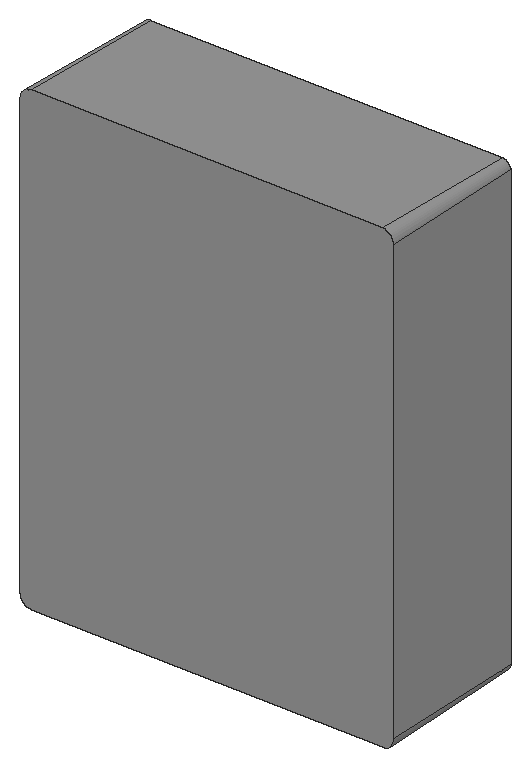
Revit family "L&L_LUCE&LIGHT_PASITO_MINI_1.2", category Lighting Fixtures, host Wall, Revit 2018 (continued)
Types (2, lengths in cm): name | Photometric Web File | built-in parameter 1150142
    .46 0.37 0.29 0.21 0.14 0.06 0.02 0.02 \r\n0.01 0.08 0.50 1.16 1.54 1.97 2.87 4.07 5.69 7.70 10.01 \r\n12.89 16.72 21.08 26.29 33.01 40.59 48.41 55.57 60.54 \r\n64.26 67.62 70.80 73.95 77.25 80.47 83.46 86.51 89.68 \r\n92.64 95.45 98.31 101.04 103.60 106.25 108.59 111.04 \r\n113.36 115.34 117.24 119.10 120.81 122.32 123.56 124.68 \r\n125.69 126.55 127.21 127.63 127.96 127.94 127.75 127.50 \r\n127.07 126.49 125.70 124.71 123.59 122.31 120.85 119.20 \r\n117.35 115.26 112.91 110.29 107.41 104.21 100.68 96.76 \r\n92.48 87.88 82.91 77.58 72.09 66.58 61.17 55.99 51.18 \r\n46.81 42.85 39.34 36.27 33.60 31.26 29.21 27.41 25.83 \r\n24.43 23.19 22.09 21.10 20.20 19.38 18.61 17.87 17.18 \r\n16.53 15.93 15.37 14.86 14.39 13.96 13.56 13.18 12.84 \r\n12.53 12.24 11.96 11.72 11.50 11.29 11.09 10.91 10.74 \r\n10.58 10.42 10.21 9.94 9.65 9.38 9.13 8.92 8.74 8.56 8.39 \r\n8.20 7.98 7.78 7.60 7.42 7.25 7.05 6.85 6.66 6.47 6.29 \r\n6.07 5.90 5.72 5.53 5.35 5.15 4.97 4.80 4.62 4.43 4.26 \r\n4.07 3.90 3.73 3.55 3.38 3.22 3.06 2.89 2.73 2.58 2.43 \r\n2.28 2.13 1.99 1.86 1.73 1.59 1.46 1.33 1.22 1.11 1.00 \r\n0.89 0.78 0.68 0.58 0.49 0.40 0.31 0.23 0.15 0.07 0.02 \r\n0.02 \r\n0.01 0.08 0.54 1.22 1.58 2.09 3.12 4.48 6.29 8.49 11.12 \r\n14.63 18.91 23.85 30.31 38.10 46.23 54.34 60.48 64.66 \r\n68.37 71.94 75.40 79.11 82.69 86.09 89.65 93.26 96.62 \r\n99.78 103.04 106.34 109.51 112.40 115.19 118.14 120.89 \r\n123.34 125.74 127.96 129.97 131.92 133.54 134.84 136.03 \r\n137.13 138.02 138.60 138.97 139.31 139.37 139.10 138.83 \r\n138.40 137.69 136.87 135.87 134.69 133.36 131.84 130.08 \r\n128.08 125.83 123.32 120.46 117.24 113.64 109.62 105.14 \r\n100.18 94.71 88.89 82.89 76.80 70.71 64.82 59.20 53.96 \r\n49.25 45.04 41.30 38.01 35.14 32.63 30.44 28.52 26.84 \r\n25.36 24.04 22.88 21.83 20.88 20.01 19.21 18.46 17.74 \r\n17.06 16.44 15.87 15.35 14.87 14.43 14.02 13.65 13.30 \r\n12.98 12.69 12.41 12.16 11.93 11.72 11.52 11.35 11.17 \r\n11.00 10.83 10.68 10.48 10.19 9.90 9.65 9.41 9.16 8.97 \r\n8.78 8.58 8.41 8.19 7.98 7.79 7.59 7.42 7.21 7.00 6.83 \r\n6.62 6.42 6.21 6.02 5.83 5.63 5.45 5.24 5.06 4.86 4.68 \r\n4.49 4.30 4.13 3.93 3.74 3.58 3.40 3.22 3.05 2.88 2.72 \r\n2.56 2.41 2.26 2.10 1.96 1.82 1.68 1.54 1.40 1.28 1.16 \r\n1.05 0.93 0.82 0.71 0.61 0.51 0.41 0.32 0.24 0.16 0.08 \r\n0.02 0.02 \r\n0.01 0.08 0.58 1.28 1.61 2.21 3.33 4.79 6.75 9.14 12.14 \r\n16.07 20.69 26.38 33.86 42.32 50.92 58.82 63.91 67.94 \r\n71.90 75.61 79.55 83.57 87.32 91.24 95.22 98.92 102.40 \r\n106.00 109.76 113.26 116.72 120.13 123.31 126.38 129.18 \r\n131.86 134.40 136.60 138.68 140.60 142.24 143.54 144.69 \r\n145.65 146.36 146.79 146.98 147.00 146.85 146.46 145.90 \r\n145.16 144.26 143.20 142.02 140.72 139.22 137.55 135.67 \r\n133.56 131.21 128.64 125.63 122.19 118.41 114.14 109.43 \r\n104.23 98.48 92.27 85.90 79.52 73.08 66.98 61.34 55.94 \r\n51.00 46.61 42.73 39.32 36.33 33.70 31.42 29.43 27.67 \r\n26.11 24.72 23.50 22.40 21.41 20.52 19.69 18.90 18.15 \r\n17.46 16.84 16.25 15.72 15.24 14.79 14.38 14.01 13.66 \r\n13.34 13.03 12.75 12.50 12.27 12.05 11.86 11.67 11.49 \r\n11.33 11.16 10.99 10.83 10.62 10.31 10.01 9.78 9.53 9.29 \r\n9.12 8.91 8.70 8.52 8.30 8.08 7.91 7.68 7.50 7.29 7.07 \r\n6.91 6.68 6.47 6.27 6.05 5.87 5.65 5.47 5.26 5.07 4.87 \r\n4.67 4.50 4.29 4.10 3.92 3.71 3.53 3.37 3.18 3.01 2.84 \r\n2.67 2.51 2.35 2.19 2.04 1.90 1.75 1.60 1.46 1.33 1.21 \r\n1.08 0.96 0.85 0.73 0.63 0.53 0.43 0.34 0.25 0.16 0.08 \r\n0.02 0.02 \r\n0.01 0.08 0.60 1.32 1.62 2.30 3.49 5.03 7.10 9.63 12.92 \r\n17.09 22.01 28.41 36.51 45.51 54.42 61.54 66.30 70.53 \r\n74.59 78.55 82.94 87.09 91.15 95.48 99.57 103.31 107.30 \r\n111.39 115.10 119.02 122.86 126.22 129.53 132.65 135.56 \r\n138.40 140.80 142.97 145.10 146.79 148.09 149.31 150.15 \r\n150.65 151.00 151.08 150.94 150.55 150.01 149.24 148.32 \r\n147.25 146.04 144.70 143.28 141.71 139.95 138.17 136.17 \r\n133.84 131.46 128.82 125.71 122.26 118.50 114.29 109.47 \r\n104.42 98.89 92.69 86.26 80.09 74.02 67.91 62.23 56.76 \r\n51.81 47.56 43.62 40.15 37.12 34.47 32.12 30.05 28.23 \r\n26.62 25.20 23.94 22.81 21.79 20.87 20.02 19.21 18.43 \r\n17.72 17.09 16.51 15.96 15.47 15.03 14.62 14.24 13.88 \r\n13.56 13.26 12.99 12.74 12.50 12.28 12.07 11.89 11.72 \r\n11.56 11.39 11.22 11.06 10.90 10.64 10.33 10.04 9.81 9.55 \r\n9.33 9.16 8.92 8.72 8.55 8.30 8.11 7.92 7.67 7.50 7.27 \r\n7.07 6.89 6.64 6.46 6.23 6.03 5.83 5.62 5.42 5.20 5.01 \r\n4.82 4.62 4.42 4.23 4.02 3.86 3.63 3.46 3.29 3.10 2.93 \r\n2.75 2.59 2.42 2.25 2.10 1.95 1.80 1.65 1.50 1.37 1.24 \r\n1.11 0.99 0.87 0.75 0.65 0.54 0.44 0.35 0.25 0.17 0.09 \r\n0.02 0.02 \r\n0.01 0.08 0.61 1.36 1.62 2.34 3.58 5.15 7.30 9.92 13.41 \r\n17.70 22.86 29.79 38.15 47.47 56.28 63.09 67.91 72.24 \r\n76.34 80.71 85.33 89.55 93.95 98.45 102.53 106.73 111.17 \r\n115.20 119.14 123.14 126.87 130.55 134.02 137.12 140.05 \r\n142.75 145.03 147.12 148.92 150.35 151.48 152.23 152.71 \r\n152.83 152.78 152.44 151.79 150.97 149.95 148.78 147.42 \r\n146.04 144.49 142.78 141.01 139.22 137.33 135.32 133.17 \r\n130.91 128.53 125.76 122.74 119.56 115.79 111.80 107.35 \r\n102.32 97.12 91.49 85.68 79.67 73.61 67.89 62.19 57.07 \r\n52.14 47.89 43.98 40.63 37.50 34.77 32.42 30.39 28.55 \r\n26.90 25.47 24.18 23.03 22.00 21.06 20.20 19.38 18.61 \r\n17.91 17.24 16.63 16.10 15.61 15.16 14.75 14.37 14.02 \r\n13.69 13.39 13.11 12.86 12.63 12.41 12.20 12.02 11.84 \r\n11.69 11.52 11.35 11.20 11.05 10.83 10.53 10.23 9.98 9.74 \r\n9.47 9.30 9.10 8.85 8.67 8.46 8.22 8.07 7.81 7.61 7.44 \r\n7.18 7.00 6.77 6.56 6.36 6.13 5.94 5.72 5.53 5.31 5.10 \r\n4.91 4.71 4.51 4.31 4.11 3.92 3.73 3.52 3.35 3.17 2.98 \r\n2.81 2.63 2.47 2.30 2.13 1.99 1.83 1.67 1.53 1.39 1.25 \r\n1.13 1.00 0.88 0.76 0.66 0.55 0.45 0.35 0.26 0.17 0.09 \r\n0.02 0.02 \r\n0.01 0.07 0.61 1.37 1.61 2.34 3.61 5.15 7.35 10.00 13.56 \r\n17.85 23.13 30.27 38.68 48.30 56.88 63.91 68.76 73.04 \r\n77.30 81.95 86.66 90.90 95.58 100.07 104.38 108.87 113.38 \r\n117.57 121.60 125.60 129.47 133.30 136.84 139.95 142.83 \r\n145.49 147.73 149.64 151.14 152.34 153.09 153.50 153.58 \r\n153.37 152.85 152.03 151.03 149.87 148.29 146.75 145.09 \r\n143.35 141.44 139.58 137.72 135.72 133.76 131.71 129.65 \r\n127.45 125.00 122.38 119.63 116.52 112.94 109.19 104.84 \r\n100.28 95.45 89.79 84.38 78.94 72.98 67.29 62.11 56.91 \r\n52.31 47.94 44.20 40.79 37.69 35.03 32.70 30.56 28.71 \r\n27.04 25.56 24.25 23.09 22.05 21.12 20.26 19.44 18.68 \r\n17.96 17.30 16.73 16.20 15.69 15.22 14.81 14.42 14.06 \r\n13.75 13.45 13.17 12.91 12.68 12.47 12.26 12.08 11.90 \r\n11.74 11.57 11.41 11.26 11.11 10.92 10.65 10.34 10.07 \r\n9.83 9.57 9.35 9.18 8.93 8.73 8.55 8.30 8.12 7.93 7.67 \r\n7.50 7.27 7.06 6.86 6.61 6.44 6.20 5.99 5.79 5.57 5.37 \r\n5.15 4.97 4.75 4.58 4.35 4.16 3.95 3.75 3.57 3.37 3.20 \r\n3.02 2.83 2.65 2.48 2.32 2.14 2.00 1.84 1.68 1.53 1.40 \r\n1.26 1.13 1.01 0.89 0.77 0.67 0.56 0.45 0.36 0.26 0.17 \r\n0.09 0.02 0.02 \r\n0.01 0.07 0.60 1.38 1.59 2.30 3.58 5.06 7.25 9.87 13.39 \r\n17.59 22.85 29.92 38.17 48.02 56.36 64.00 68.91 73.06 \r\n77.53 82.27 87.08 91.29 96.10 100.56 105.23 109.61 114.22 \r\n118.77 122.65 127.01 130.67 134.63 138.33 141.58 144.51 \r\n147.34 149.81 151.75 153.30 154.55 155.28 155.78 155.84 \r\n155.59 154.99 154.15 152.98 151.73 150.17 148.42 146.67 \r\n144.85 142.81 140.85 138.90 136.77 134.63 132.73 130.51 \r\n128.17 126.04 123.42 120.72 117.63 114.37 110.54 106.89 \r\n102.33 97.32 92.27 86.94 81.13 75.20 70.13 64.53 59.58 \r\n54.69 50.20 46.36 42.67 39.78 36.84 34.40 32.25 30.21 \r\n28.39 26.89 25.52 23.07 22.39 21.40 20.55 19.69 18.92 \r\n18.17 17.56 16.89 16.35 15.86 15.38 14.97 14.52 14.16 \r\n13.86 13.55 13.26 13.03 12.78 12.57 12.36 12.19 12.00 \r\n11.84 11.69 11.52 11.36 11.22 11.03 10.72 10.39 10.15 \r\n9.92 9.62 9.43 9.28 8.99 8.82 8.61 8.34 8.19 7.93 7.73 \r\n7.56 7.29 7.10 6.89 6.64 6.50 6.21 6.04 5.79 5.61 5.38 \r\n5.17 4.99 4.77 4.60 4.38 4.16 3.98 3.73 3.59 3.37 3.21 \r\n3.03 2.83 2.65 2.48 2.33 2.15 2.00 1.85 1.69 1.53 1.41 \r\n1.27 1.14 1.01 0.89 0.77 0.67 0.56 0.45 0.36 0.26 0.17 \r\n0.09 0.02 0.02 \r\n0.01 0.07 0.61 1.37 1.61 2.34 3.61 5.15 7.35 10.00 13.56 \r\n17.85 23.13 30.27 38.68 48.30 56.88 63.91 68.76 73.04 \r\n77.30 81.95 86.66 90.90 95.58 100.07 104.38 108.87 113.38 \r\n117.57 121.60 125.60 129.47 133.30 136.84 139.95 142.83 \r\n145.49 147.73 149.64 151.14 152.34 153.09 153.50 153.58 \r\n153.37 152.85 152.03 151.03 149.87 148.29 146.75 145.09 \r\n143.35 141.44 139.58 137.72 135.72 133.76 131.71 129.65 \r\n127.45 125.00 122.38 119.63 116.52 112.94 109.19 104.84 \r\n100.28 95.45 89.79 84.38 78.94 72.98 67.29 62.11 56.91 \r\n52.31 47.94 44.20 40.79 37.69 35.03 32.70 30.56 28.71 \r\n27.04 25.56 24.25 23.09 22.05 21.12 20.26 19.44 18.68 \r\n17.96 17.30 16.73 16.20 15.69 15.22 14.81 14.42 14.06 \r\n13.75 13.45 13.17 12.91 12.68 12.47 12.26 12.08 11.90 \r\n11.74 11.57 11.41 11.26 11.11 10.92 10.65 10.34 10.07 \r\n9.83 9.57 9.35 9.18 8.93 8.73 8.55 8.30 8.12 7.93 7.67 \r\n7.50 7.27 7.06 6.86 6.61 6.44 6.20 5.99 5.79 5.57 5.37 \r\n5.15 4.97 4.75 4.58 4.35 4.16 3.95 3.75 3.57 3.37 3.20 \r\n3.02 2.83 2.65 2.48 2.32 2.14 2.00 1.84 1.68 1.53 1.40 \r\n1.26 1.13 1.01 0.89 0.77 0.67 0.56 0.45 0.36 0.26 0.17 \r\n0.09 0.02 0.02 \r\n0.01 0.08 0.61 1.36 1.62 2.34 3.58 5.15 7.30 9.92 13.41 \r\n17.70 22.86 29.79 38.15 47.47 56.28 63.09 67.91 72.24 \r\n76.34 80.71 85.33 89.55 93.95 98.45 102.53 106.73 111.17 \r\n115.20 119.14 123.14 126.87 130.55 134.02 137.12 140.05 \r\n142.75 145.03 147.12 148.92 150.35 151.48 152.23 152.71 \r\n152.83 152.78 152.44 151.79 150.97 149.95 148.78 147.42 \r\n146.04 144.49 142.78 141.01 139.22 137.33 135.32 133.17 \r\n130.91 128.53 125.76 122.74 119.56 115.79 111.80 107.35 \r\n102.32 97.12 91.49 85.68 79.67 73.61 67.89 62.19 57.07 \r\n52.14 47.89 43.98 40.63 37.50 34.77 32.42 30.39 28.55 \r\n26.90 25.47 24.18 23.03 22.00 21.06 20.20 19.38 18.61 \r\n17.91 17.24 16.63 16.10 15.61 15.16 14.75 14.37 14.02 \r\n13.69 13.39 13.11 12.86 12.63 12.41 12.20 12.02 11.84 \r\n11.69 11.52 11.35 11.20 11.05 10.83 10.53 10.23 9.98 9.74 \r\n9.47 9.30 9.10 8.85 8.67 8.46 8.22 8.07 7.81 7.61 7.44 \r\n7.18 7.00 6.77 6.56 6.36 6.13 5.94 5.72 5.53 5.31 5.10 \r\n4.91 4.71 4.51 4.31 4.11 3.92 3.73 3.52 3.35 3.17 2.98 \r\n2.81 2.63 2.47 2.30 2.13 1.99 1.83 1.67 1.53 1.39 1.25 \r\n1.13 1.00 0.88 0.76 0.66 0.55 0.45 0.35 0.26 0.17 0.09 \r\n0.02 0.02 \r\n0.01 0.08 0.60 1.32 1.62 2.30 3.49 5.03 7.10 9.63 12.92 \r\n17.09 22.01 28.41 36.51 45.51 54.42 61.54 66.30 70.53 \r\n74.59 78.55 82.94 87.09 91.15 95.48 99.57 103.31 107.30 \r\n111.39 115.10 119.02 122.86 126.22 129.53 132.65 135.56 \r\n138.40 140.80 142.97 145.10 146.79 148.09 149.31 150.15 \r\n150.65 151.00 151.08 150.94 150.55 150.01 149.24 148.32 \r\n147.25 146.04 144.70 143.28 141.71 139.95 138.17 136.17 \r\n133.84 131.46 128.82 125.71 122.26 118.50 114.29 109.47 \r\n104.42 98.89 92.69 86.26 80.09 74.02 67.91 62.23 56.76 \r\n51.81 47.56 43.62 40.15 37.12 34.47 32.12 30.05 28.23 \r\n26.62 25.20 23.94 22.81 21.79 20.87 20.02 19.21 18.43 \r\n17.72 17.09 16.51 15.96 15.47 15.03 14.62 14.24 13.88 \r\n13.56 13.26 12.99 12.74 12.50 12.28 12.07 11.89 11.72 \r\n11.56 11.39 11.22 11.06 10.90 10.64 10.33 10.04 9.81 9.55 \r\n9.33 9.16 8.92 8.72 8.55 8.30 8.11 7.92 7.67 7.50 7.27 \r\n7.07 6.89 6.64 6.46 6.23 6.03 5.83 5.62 5.42 5.20 5.01 \r\n4.82 4.62 4.42 4.23 4.02 3.86 3.63 3.46 3.29 3.10 2.93 \r\n2.75 2.59 2.42 2.25 2.10 1.95 1.80 1.65 1.50 1.37 1.24 \r\n1.11 0.99 0.87 0.75 0.65 0.54 0.44 0.35 0.25 0.17 0.09 \r\n0.02 0.02 \r\n0.01 0.08 0.58 1.28 1.61 2.21 3.33 4.79 6.75 9.14 12.14 \r\n16.07 20.69 26.38 33.86 42.32 50.92 58.82 63.91 67.94 \r\n71.90 75.61 79.55 83.57 87.32 91.24 95.22 98.92 102.40 \r\n106.00 109.76 113.26 116.72 120.13 123.31 126.38 129.18 \r\n131.86 134.40 136.60 138.68 140.60 142.24 143.54 144.69 \r\n145.65 146.36 146.79 146.98 147.00 146.85 146.46 145.90 \r\n145.16 144.26 143.20 142.02 140.72 139.22 137.55 135.67 \r\n133.56 131.21 128.64 125.63 122.19 118.41 114.14 109.43 \r\n104.23 98.48 92.27 85.90 79.52 73.08 66.98 61.34 55.94 \r\n51.00 46.61 42.73 39.32 36.33 33.70 31.42 29.43 27.67 \r\n26.11 24.72 23.50 22.40 21.41 20.52 19.69 18.90 18.15 \r\n17.46 16.84 16.25 15.72 15.24 14.79 14.38 14.01 13.66 \r\n13.34 13.03 12.75 12.50 12.27 12.05 11.86 11.67 11.49 \r\n11.33 11.16 10.99 10.83 10.62 10.31 10.01 9.78 9.53 9.29 \r\n9.12 8.91 8.70 8.52 8.30 8.08 7.91 7.68 7.50 7.29 7.07 \r\n6.91 6.68 6.47 6.27 6.05 5.87 5.65 5.47 5.26 5.07 4.87 \r\n4.67 4.50 4.29 4.10 3.92 3.71 3.53 3.37 3.18 3.01 2.84 \r\n2.67 2.51 2.35 2.19 2.04 1.90 1.75 1.60 1.46 1.33 1.21 \r\n1.08 0.96 0.85 0.73 0.63 0.53 0.43 0.34 0.25 0.16 0.08 \r\n0.02 0.02 \r\n0.01 0.08 0.54 1.22 1.58 2.09 3.12 4.48 6.29 8.49 11.12 \r\n14.63 18.91 23.85 30.31 38.10 46.23 54.34 60.48 64.66 \r\n68.37 71.94 75.40 79.11 82.69 86.09 89.65 93.26 96.62 \r\n99.78 103.04 106.34 109.51 112.40 115.19 118.14 120.89 \r\n123.34 125.74 127.96 129.97 131.92 133.54 134.84 136.03 \r\n137.13 138.02 138.60 138.97 139.31 139.37 139.10 138.83 \r\n138.40 137.69 136.87 135.87 134.69 133.36 131.84 130.08 \r\n128.08 125.83 123.32 120.46 117.24 113.64 109.62 105.14 \r\n100.18 94.71 88.89 82.89 76.80 70.71 64.82 59.20 53.96 \r\n49.25 45.04 41.30 38.01 35.14 32.63 30.44 28.52 26.84 \r\n25.36 24.04 22.88 21.83 20.88 20.01 19.21 18.46 17.74 \r\n17.06 16.44 15.87 15.35 14.87 14.43 14.02 13.65 13.30 \r\n12.98 12.69 12.41 12.16 11.93 11.72 11.52 11.35 11.17 \r\n11.00 10.83 10.68 10.48 10.19 9.90 9.65 9.41 9.16 8.97 \r\n8.78 8.58 8.41 8.19 7.98 7.79 7.59 7.42 7.21 7.00 6.83 \r\n6.62 6.42 6.21 6.02 5.83 5.63 5.45 5.24 5.06 4.86 4.68 \r\n4.49 4.30 4.13 3.93 3.74 3.58 3.40 3.22 3.05 2.88 2.72 \r\n2.56 2.41 2.26 2.10 1.96 1.82 1.68 1.54 1.40 1.28 1.16 \r\n1.05 0.93 0.82 0.71 0.61 0.51 0.41 0.32 0.24 0.16 0.08 \r\n0.02 0.02 \r\n0.01 0.08 0.50 1.16 1.54 1.97 2.87 4.07 5.69 7.70 10.01 \r\n12.89 16.72 21.08 26.29 33.01 40.59 48.41 55.57 60.54 \r\n64.26 67.62 70.80 73.95 77.25 80.47 83.46 86.51 89.68 \r\n92.64 95.45 98.31 101.04 103.60 106.25 108.59 111.04 \r\n113.36 115.34 117.24 119.10 120.81 122.32 123.56 124.68 \r\n125.69 126.55 127.21 127.63 127.96 127.94 127.75 127.50 \r\n127.07 126.49 125.70 124.71 123.59 122.31 120.85 119.20 \r\n117.35 115.26 112.91 110.29 107.41 104.21 100.68 96.76 \r\n92.48 87.88 82.91 77.58 72.09 66.58 61.17 55.99 51.18 \r\n46.81 42.85 39.34 36.27 33.60 31.26 29.21 27.41 25.83 \r\n24.43 23.19 22.09 21.10 20.20 19.38 18.61 17.87 17.18 \r\n16.53 15.93 15.37 14.86 14.39 13.96 13.56 13.18 12.84 \r\n12.53 12.24 11.96 11.72 11.50 11.29 11.09 10.91 10.74 \r\n10.58 10.42 10.21 9.94 9.65 9.38 9.13 8.92 8.74 8.56 8.39 \r\n8.20 7.98 7.78 7.60 7.42 7.25 7.05 6.85 6.66 6.47 6.29 \r\n6.07 5.90 5.72 5.53 5.35 5.15 4.97 4.80 4.62 4.43 4.26 \r\n4.07 3.90 3.73 3.55 3.38 3.22 3.06 2.89 2.73 2.58 2.43 \r\n2.28 2.13 1.99 1.86 1.73 1.59 1.46 1.33 1.22 1.11 1.00 \r\n0.89 0.78 0.68 0.58 0.49 0.40 0.31 0.23 0.15 0.07 0.02 \r\n0.02 \r\n0.01 0.08 0.44 1.08 1.49 1.82 2.59 3.64 5.00 6.78 8.83 \r\n11.15 14.24 18.03 22.33 27.65 34.06 41.17 48.59 55.00 \r\n59.49 62.83 65.79 68.61 71.33 74.09 76.91 79.51 82.09 \r\n84.72 87.14 89.45 91.83 94.16 96.20 98.14 100.17 102.06 \r\n103.86 105.52 107.04 108.36 109.48 110.62 111.60 112.30 \r\n112.89 113.43 113.72 113.83 113.72 113.49 113.23 112.79 \r\n112.15 111.32 110.35 109.23 107.95 106.52 104.96 103.25 \r\n101.39 99.35 97.10 94.65 91.98 89.07 85.89 82.42 78.66 \r\n74.62 70.30 65.79 61.18 56.55 52.04 47.77 43.82 40.27 \r\n37.11 34.32 31.86 29.70 27.81 26.16 24.69 23.39 22.23 \r\n21.18 20.24 19.40 18.62 17.89 17.18 16.51 15.88 15.29 \r\n14.75 14.24 13.79 13.36 12.96 12.59 12.25 11.94 11.66 \r\n11.40 11.16 10.94 10.74 10.55 10.37 10.21 10.04 9.81 9.55 \r\n9.26 9.00 8.76 8.57 8.41 8.26 8.07 7.87 7.67 7.49 7.33 \r\n7.18 6.99 6.78 6.60 6.43 6.26 6.07 5.89 5.71 5.54 5.36 \r\n5.18 5.01 4.84 4.66 4.48 4.31 4.14 3.98 3.81 3.63 3.48 \r\n3.32 3.17 3.01 2.85 2.71 2.56 2.41 2.27 2.14 2.00 1.88 \r\n1.74 1.61 1.48 1.36 1.25 1.15 1.04 0.93 0.83 0.73 0.64 \r\n0.55 0.46 0.37 0.29 0.21 0.14 0.06 0.02 0.02 \r\n0.01 0.08 0.38 0.97 1.43 1.70 2.29 3.18 4.29 5.73 7.55 \r\n9.52 11.82 14.84 18.45 22.56 27.60 33.40 39.87 46.73 \r\n52.80 57.39 60.47 62.96 65.37 67.74 69.93 72.13 74.37 \r\n76.40 78.50 80.51 82.32 84.08 85.82 87.46 88.92 90.35 \r\n91.74 93.06 94.25 95.21 96.05 96.90 97.57 98.06 98.46 \r\n98.68 98.77 98.76 98.60 98.25 97.82 97.30 96.60 95.78 \r\n94.79 93.65 92.50 91.24 89.82 88.26 86.51 84.67 82.73 \r\n80.64 78.45 76.16 73.69 71.00 68.10 65.00 61.70 58.22 \r\n54.61 50.94 47.31 43.80 40.49 37.44 34.67 32.19 30.00 \r\n28.06 26.33 24.81 23.45 22.25 21.17 20.19 19.30 18.50 \r\n17.75 17.05 16.38 15.73 15.12 14.55 14.02 13.53 13.0
